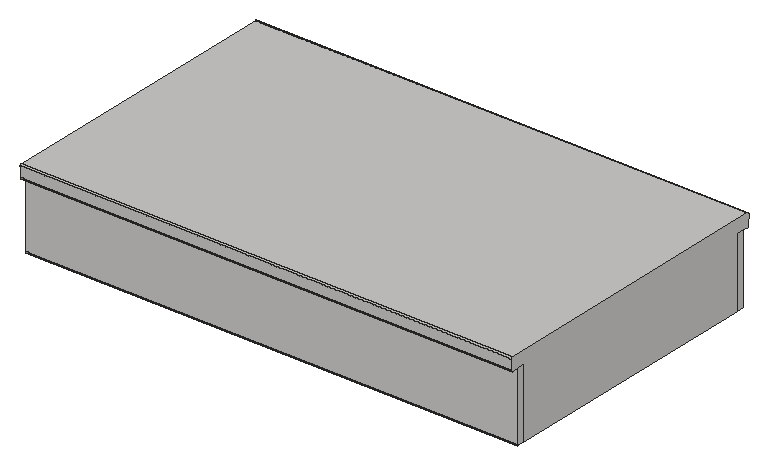
Revit family "QF_ELECTROLUXPROFESSIONAL_589172_MCNABALOOO", category Specialty Equipment, Revit 2018
Family settings
  Round Connector Dimension = Use Diameter
  Part Type = Normal
  Work Plane-Based = No
  Always vertical = Yes
  Cut with Voids When Loaded = No
  Shared = No
  Room Calculation Point = No
Parameters
  Weight in Pounds = 99.2
  URL Cutsheet = "www.electrolux.com/professional"
  URL = "www.electrolux.com/professional"
  Type Mark [instance] = ""
  Status [instance] = ""
  Specification by User [instance] = ""
  Specification by Manufacturer = ""
  Serial Number = ""
  Seismic Rating = ""
  SMACNA No = ""
  Revision Code [instance] = ""
  Omniclass Number and Title = ""
  NAFEM Spec ID Number = ""
  Model = "589172"
  Masterspec = ""
  Manufacturer = "ELECTROLUX"
  Item Number [instance] = ""
  Installed By [instance] = ""
  Identify Quantity as Lot [instance] = yes
  Furnished By [instance] = ""
  Foodservice Equipment Identifier [instance] = yes
  Direct Waste Size = 0"
  Description = "WORK TOP,CLOSED,1-SIDE,1500X900X250H"
  CSI MasterFormat = ""
  CSI Master Format = ""
Reference planes
  plane 1 "BACK": y = 0
  plane 2: z = 0
  plane 3 "LEFT": x = 0
  plane 4 "RIGHT": x = 1500
  plane 5 "FRONT": y = -900
  plane 6 "TOP": z = 250
  plane 7 "Center Y": x = 750
  plane 8 "Center X": y = -450
Forms (mm)
  Extrusion 1, solid, material "QF_Finishes_Stainless Steel"
    sketch origin (0, 50.048, 0) x (0, 1, 0) y (0, 0, 1)
      loop
        line (-95.048, 213) -> (-71.412, 213) -> (-54.743, 210.061)
        arc (-54.743, 210.061) -> (-51.477, 210.936) -> (-50.048, 214) r 4
        line (-50.048, 214) -> (-50.048, 246)
        arc (-50.048, 246) -> (-51.22, 248.828) -> (-54.048, 250) r 4
        line (-54.048, 250) -> (-946.048, 250)
        arc (-946.048, 250) -> (-948.877, 248.828) -> (-950.048, 246) r 4
        line (-950.048, 246) -> (-950.048, 214)
        arc (-950.048, 214) -> (-948.619, 210.936) -> (-945.353, 210.061) r 4
        line (-945.353, 210.061) -> (-928.509, 213) -> (-905.048, 213) -> (-905.048, 0) -> (-95.048, 0) -> (-95.048, 213)
    from 0 to 1500
  Extrusion 2, solid, material "QF_Finishes_Stainless Steel"
    sketch origin (0, 50.048, 0) x (0, 1, 0) y (0, 0, 1)
      loop
        arc (-928.048, 213) -> (-929.462, 212.414) -> (-930.048, 211) r 2
        line (-930.048, 211) -> (-930.048, 2)
        arc (-930.048, 2) -> (-929.462, 0.586) -> (-928.048, 0) r 2
        line (-928.048, 0) -> (-905.048, 0) -> (-905.048, 213) -> (-928.048, 213)
      loop
        line (-72.048, 213) -> (-95.048, 213) -> (-95.048, 0) -> (-72.048, 0)
        arc (-72.048, 0) -> (-70.634, 0.586) -> (-70.048, 2) r 2
        line (-70.048, 2) -> (-70.048, 211)
        arc (-70.048, 211) -> (-70.634, 212.414) -> (-72.048, 213) r 2
    from 0 to 1500
Lines and regions (mm)
  symbolic lines
    curve 1: line (0, 0, 0) -> (1500, 0, 0)
    curve 2: line (0, -900, 0) -> (0, 0, 0)
    curve 3: line (1500, -900, 0) -> (0, -900, 0)
    curve 4: line (1500, 0, 0) -> (1500, -900, 0)
Dimensions and locks
  equal spacing: plane 3 "LEFT", plane 7 "Center Y", plane 4 "RIGHT"
  plane 3 "LEFT" to plane 4 "RIGHT" = 1500.00 mm
  equal spacing: plane 5 "FRONT", plane 8 "Center X", plane 1 "BACK"
  plane 5 "FRONT" to plane 1 "BACK" = 900.00 mm
  plane 6 "TOP" to level = 250.00 mm
  aligned and locked: level to plane 2
  aligned and locked: Extrusion 1 to plane 4 "RIGHT"
  aligned and locked: Extrusion 2 to plane 4 "RIGHT"
Automatic sketch dimensions
  Extrusion 1 sketch curve to plane 6 "TOP" = 0.00 mm
  Extrusion 1 sketch curve to level = 0.00 mm
  Extrusion 1 sketch curve to plane 6 "TOP" = 36.00 mm
  plane 5 "FRONT" to Extrusion 1 sketch curve = 0.00 mm
  Extrusion 1 sketch curve to plane 6 "TOP" = 39.939 mm
  Extrusion 1 sketch curve to Extrusion 1 sketch curve = 4.00 mm
  Extrusion 1 sketch curve to Extrusion 1 sketch curve = 4.695 mm  (x2)
  Extrusion 1 sketch curve to Extrusion 1 sketch curve = 16.844 mm
  Extrusion 1 sketch curve to plane 5 "FRONT" = 45.00 mm
  plane 1 "BACK" to Extrusion 1 sketch curve = 45.00 mm
  Extrusion 1 sketch curve to Extrusion 1 sketch curve = 23.636 mm
  Extrusion 1 sketch curve to Extrusion 1 sketch curve = 17.364 mm
  Extrusion 1 sketch curve to Extrusion 1 sketch curve = 21.364 mm
  Extrusion 1 sketch curve to Extrusion 1 sketch curve = 0.00 mm  (x2)
  Extrusion 1 sketch curve to Extrusion 1 sketch curve = 0.695 mm
  Extrusion 1 sketch curve to plane 6 "TOP" = 37.00 mm  (x2)
  Extrusion 1 sketch curve to Extrusion 1 sketch curve = 1.00 mm
  Extrusion 2 sketch curve to level = 0.00 mm  (x2)
  level to Extrusion 2 sketch curve = 2.00 mm  (x2)
  Extrusion 2 sketch curve to plane 5 "FRONT" = 20.00 mm
  Extrusion 2 sketch curve to Extrusion 2 sketch curve = 2.00 mm
  Extrusion 2 sketch curve to Extrusion 2 sketch curve = 23.00 mm
  plane 1 "BACK" to Extrusion 2 sketch curve = 45.00 mm
  plane 1 "BACK" to Extrusion 2 sketch curve = 22.00 mm  (x2)
  Extrusion 2 sketch curve to plane 6 "TOP" = 39.00 mm  (x2)
  curve 3 to plane 3 "LEFT" = 0.00 mm
  curve 3 to plane 4 "RIGHT" = 0.00 mm
  plane 1 "BACK" to curve 2 = 0.00 mm
  curve 4 to plane 5 "FRONT" = 0.00 mm
